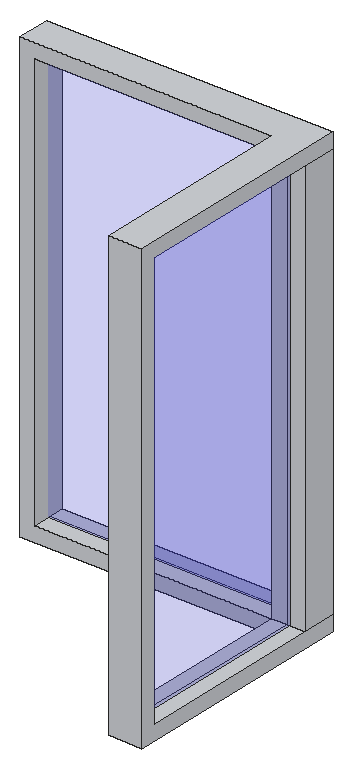
Revit family "Corner window", category Windows, host Wall, Revit 2022
Family settings
  Host = Wall
  OmniClass Number = 23.30.20.00
  OmniClass Title = Windows
  Always vertical = Yes
  Cut with Voids When Loaded = Yes
  Shared = Yes
  Room Calculation Point = No
Parameters
  Width2 [instance] = 840 mm
  Second wall thickness [instance] = Host thickness  # 200 mm
  No corner frame [instance] = not(Corner frame)  # no
  Host thickness [instance] = 200 mm
  Height [instance] = 1500 mm
  Glazing thickness = 10 mm
  Glass material = Glass
  Frame width = 50 mm
  Frame material = none
  Frame depth = 112 mm
  Default Sill Height = 800 mm
  Wall Closure = By host
  Width [instance] = 1000 mm
  Corner frame [instance] = yes
Reference planes
  plane 1 "Center (Front/Back)": y = 0
  plane 2 "Left": x = 0
  plane 3 "Sill": z = 800
  plane 4 "Head": z = 2300
  plane 5 "Exterior": y = 100
  plane 6 "Interior": y = -100
  plane 7 "Front corner": x = -1000
  plane 8 "Rear corner": y = -740
  plane 9 "2": x = -950
  plane 10 "3": y = -690
  plane 11 "4": x = -200
  plane 12 "5": y = 56
  plane 13 "6": y = -56
  plane 14 "Centre side 2": x = -100
  plane 15 "Centre side 3": x = -156
  plane 16 "Centre side 4": x = -44
  plane 17 "Centre side 5": z = 850
  plane 18 "Centre side 6": z = 2250
  plane 19 "Centre side 7": y = 5
  plane 20 "Centre side 8": y = -5
  plane 21 "Centre side 9": x = -95
  plane 22 "Centre side 10": x = -105
Forms (mm)
  Extrusion 1, solid, material <- "Frame material"
    sketch origin (513.523, 56, 1000) x (1, 0, 0) y (0, 0, -1)
      loop
        line (-557.523, -1300) -> (-557.523, -1250) -> (-1463.523, -1250) -> (-1463.523, 150) -> (-557.523, 150) -> (-557.523, 200) -> (-1513.523, 200) -> (-1513.523, -1300) -> (-557.523, -1300)
    from 0 to -112
  Extrusion 2, solid, material <- "Frame material"
    sketch origin (-44, 613.523, 1000) x (0, 1, 0) y (0, 0, -1)
      loop
        line (-557.523, -1300) -> (-557.523, -1250) -> (-1303.523, -1250) -> (-1303.523, 150) -> (-557.523, 150) -> (-557.523, 200) -> (-1353.523, 200) -> (-1353.523, -1300) -> (-557.523, -1300)
    from 0 to 112
  Extrusion 3, solid, material "Glass" <- "Glass material", visible <- "No corner frame"
    sketch origin (0, 0, 850) x (0, -1, 0) y (-1, 0, 0)
      loop
        line (-5, 95) -> (690, 95) -> (690, 105) -> (5, 105) -> (5, 950) -> (-5, 950) -> (-5, 95)
    from 0 to -1400
  Extrusion 4, void
    sketch origin (0, 0, 800) x (-1, 0, 0) y (0, -1, 0)
      loop
        line (1000, -100) -> (1000, 740) -> (0, 740) -> (0, -100) -> (1000, -100)
    from 0 to 1500
  Extrusion 5, solid, material <- "Frame material", visible <- "Corner frame"
    sketch origin (0, 0, 850) x (0, -1, 0) y (-1, 0, 0)
      loop
        line (-56, 156) -> (-56, 44) -> (56, 44) -> (56, 156) -> (-56, 156)
    from -1400 to 0
  Extrusion 6, solid, material "Glass" <- "Glass material", visible <- "Corner frame"
    sketch origin (0, 0, 850) x (0, -1, 0) y (-1, 0, 0)
      loop
        line (-5, 156) -> (5, 156) -> (5, 950) -> (-5, 950) -> (-5, 156)
      loop
        line (56, 105) -> (56, 95) -> (690, 95) -> (690, 105) -> (56, 105)
    from 0 to -1400
Cuts and joins
  joined: Extrusion 1, Extrusion 2
Text (mm)
  text "Exterior" at (-1963.203, 1332.353, 0), in view "Ref. Level"
  text "Interior" at (-1981.466, -818.386, 0), in view "Ref. Level"
  text "Exterior" at (0, 923.751, 2943.296), in view "Right"
  text "Exterior" at (0, 1040.484, 2685.409), in view "Left"
Dimensions and locks
  "Height": plane 3 "Sill" to plane 4 "Head"
  "Default Sill Height": plane 3 "Sill" to level
  locked: plane 5 "Exterior" to host wall
  locked: plane 6 "Interior" to host wall
  "Frame width": plane 10 "3" to plane 8 "Rear corner"
  "Frame width": plane 7 "Front corner" to plane 9 "2"
  "Second wall thickness": plane 11 "4" to plane 2 "Left"
  equal spacing: plane 12 "5", plane 1 "Center (Front/Back)", plane 13 "6"
  "Frame depth": plane 12 "5" to plane 13 "6"
  equal spacing: plane 15 "Centre side 3", plane 14 "Centre side 2", plane 16 "Centre side 4"
  "Frame depth": plane 15 "Centre side 3" to plane 16 "Centre side 4"
  "Frame width": plane 3 "Sill" to plane 17 "Centre side 5"
  "Frame width": plane 18 "Centre side 6" to plane 4 "Head"
  equal spacing: plane 22 "Centre side 10", plane 14 "Centre side 2", plane 21 "Centre side 9"
  "Glazing thickness": plane 22 "Centre side 10" to plane 21 "Centre side 9"
  equal spacing: plane 19 "Centre side 7", plane 1 "Center (Front/Back)", plane 20 "Centre side 8"
  "Glazing thickness": plane 19 "Centre side 7" to plane 20 "Centre side 8"
  "Host thickness": host wall to host wall
  equal spacing: plane 11 "4", plane 14 "Centre side 2", plane 2 "Left"
  "Width2": plane 8 "Rear corner" to plane 5 "Exterior"
  "Width": plane 7 "Front corner" to plane 2 "Left"
  aligned and locked: plane 4 "Head" to Extrusion 1 sketch curve
  aligned and locked: Extrusion 1 sketch curve to plane 16 "Centre side 4"
  aligned and locked: Extrusion 1 sketch curve to plane 18 "Centre side 6"
  aligned and locked: Extrusion 1 sketch curve to plane 9 "2"
  aligned and locked: plane 7 "Front corner" to Extrusion 1 sketch curve
  aligned and locked: Extrusion 1 sketch curve to plane 3 "Sill"
  aligned and locked: plane 17 "Centre side 5" to Extrusion 1 sketch curve
  aligned and locked: plane 16 "Centre side 4" to Extrusion 1 sketch curve
  aligned and locked: plane 13 "6" to Extrusion 1
  aligned and locked: Extrusion 2 sketch curve to plane 12 "5"  (x2)
  aligned and locked: plane 4 "Head" to Extrusion 2 sketch curve
  aligned and locked: Extrusion 2 sketch curve to plane 18 "Centre side 6"
  aligned and locked: Extrusion 2 sketch curve to plane 10 "3"
  aligned and locked: plane 8 "Rear corner" to Extrusion 2 sketch curve
  aligned and locked: plane 17 "Centre side 5" to Extrusion 2 sketch curve
  aligned and locked: Extrusion 2 sketch curve to plane 3 "Sill"
  aligned and locked: Extrusion 2 to plane 15 "Centre side 3"
  aligned and locked: plane 19 "Centre side 7" to Extrusion 3 sketch curve
  aligned and locked: Extrusion 3 sketch curve to plane 20 "Centre side 8"
  aligned and locked: plane 22 "Centre side 10" to Extrusion 3 sketch curve
  aligned and locked: Extrusion 3 sketch curve to plane 21 "Centre side 9"
  aligned and locked: plane 10 "3" to Extrusion 3 sketch curve
  aligned and locked: Extrusion 3 sketch curve to plane 9 "2"
  aligned and locked: Extrusion 3 to plane 18 "Centre side 6"
  aligned and locked: plane 7 "Front corner" to Extrusion 4 sketch curve
  aligned and locked: plane 8 "Rear corner" to Extrusion 4 sketch curve
  aligned and locked: plane 2 "Left" to Extrusion 4 sketch curve
  aligned and locked: plane 5 "Exterior" to Extrusion 4 sketch curve
  aligned and locked: Extrusion 4 to plane 4 "Head"
  aligned and locked: Extrusion 5 sketch curve to plane 13 "6"
  aligned and locked: plane 15 "Centre side 3" to Extrusion 5 sketch curve
  aligned and locked: Extrusion 5 sketch curve to plane 12 "5"
  aligned and locked: plane 16 "Centre side 4" to Extrusion 5 sketch curve
  aligned and locked: plane 17 "Centre side 5" to Extrusion 5
  aligned and locked: Extrusion 5 to plane 18 "Centre side 6"
  aligned and locked: plane 15 "Centre side 3" to Extrusion 6 sketch curve
  aligned and locked: plane 13 "6" to Extrusion 6 sketch curve
  aligned and locked: plane 19 "Centre side 7" to Extrusion 6 sketch curve
  aligned and locked: Extrusion 6 sketch curve to plane 20 "Centre side 8"
  aligned and locked: plane 22 "Centre side 10" to Extrusion 6 sketch curve
  aligned and locked: Extrusion 6 sketch curve to plane 21 "Centre side 9"
  aligned and locked: plane 10 "3" to Extrusion 6 sketch curve
  aligned and locked: Extrusion 6 sketch curve to plane 9 "2"
  aligned and locked: Extrusion 6 to plane 18 "Centre side 6"
